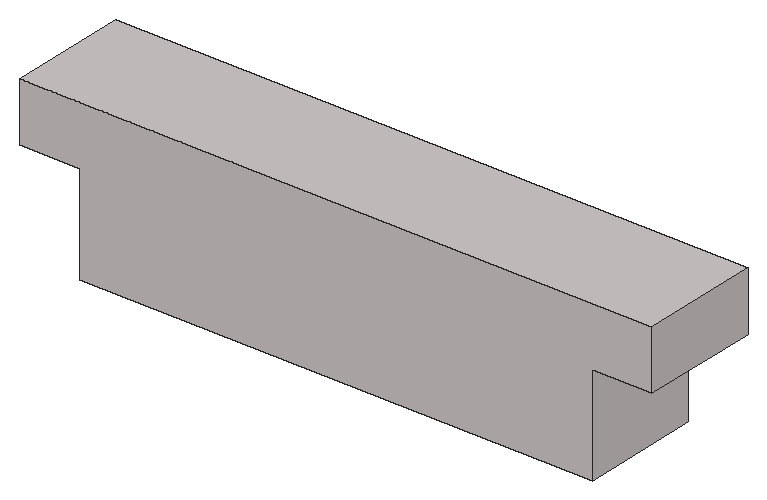
Revit family "42597fc9ef904ecc9c36413b20db4370", category Structural Framing, Revit 2021
Family settings
  Display in Hidden Views = Edges Hidden by Other Members
  Structural Framing Length Roundoff = 0' - 0"
  Section Shape = Not Defined
  Material for Model Behavior = Precast Concrete
  Always export as geometry = No
  OmniClass Number = 23.25.30.11.14.14
  OmniClass Title = Beams
  Seek Item ID = Precast-Rectangular Beam with Cut End-0000-USA-ENU
  Always vertical = Yes
  Cut with Voids When Loaded = No
  Symbolic Representation = From Family
  Shared = No
  Show family pre-cut in plan views = Yes
Parameters (values of type "12"x16"-Double Sides Cut")
  Width = 1' - 0"
  Tie Rod Weight [instance] = 30
  Tie Rod W [instance] = (Tie Rod Weight) * 2.20313 kip / 1000  # 0.0660938 kip
  Structural Material [instance] = Concrete, Precast
  Single Rebar Weight [instance] = 50
  Single Rebar W [instance] = (Single Rebar Weight * 2.20313 kip) / 1000  # 0.110156 kip
  Rebar Grids Weight [instance] = 100
  Rebar Grids W [instance] = (Rebar Grids Weight * 2.20313 kip) / 1000  # 0.220313 kip
  Cut Depth [instance] = 0' - 10"
  Extension 2 [instance] = 0' - 6"
  Extension 1 [instance] = 0' - 6"
  Depth = 1' - 4"
  Assembly Code = ""
  Length [instance] = 5' - 0"
Types (3): name
  (no name)
  12"x16"-Double Sides Cut
  12"x16"-One Side Cut
Reference planes (in)
  plane 1 "Center (Front/Back)": y = 0
  plane 2: z = 0
  plane 3 "Center (Left/Right)": x = 0
  plane 4 "Member Left": x = -25.74878
  plane 5 "Member Right": x = 25.74878
  plane 6 "Left": x = -29.68579
  plane 7 "Right": x = 30.31421
  plane 8: z = 2
  plane 9: z = 8
  plane 10: x = -31.74878
  plane 11: y = -6
  plane 12: y = 6
  plane 13: x = 31.74878
  plane 14: z = -8
Forms (in)
  Sweep 1, solid, material "Concrete, Precast" <- "Structural Material"
    path origin (0, 14.72441, 0) x (1, 0, 0) y (0, 1, 0)
      loop
        line (-31.74878, -14.72441) -> (31.74878, -14.72441)
    profile origin (0, 0, 0) x (0, 1, 0) y (0, 0, 1)
      loop
        line (-6, -8) -> (6, -8) -> (6, 8) -> (-6, 8) -> (-6, -8)
  Extrusion 2, void
    sketch origin (0, 0, 0) x (1, 0, 0) y (0, 0, 1)
      loop
        line (-25.74878, -8) -> (-25.74878, 2) -> (-31.74878, 2) -> (-31.74878, -8) -> (-25.74878, -8)
    from -6 to 6
  Extrusion 3, void
    sketch origin (0, 0, 0) x (1, 0, 0) y (0, 0, 1)
      loop
        line (31.94563, -8) -> (31.94563, 2) -> (25.74878, 2) -> (25.74878, -8) -> (31.94563, -8)
    from -6 to 6
Cuts and joins
  Extrusion 2, Extrusion 3 cuts Sweep 1
Dimensions and locks (in)
  "Length": plane 6 "Left" to plane 7 "Right"
  locked: level to plane 2
  equal spacing: plane 12, plane 1 "Center (Front/Back)", plane 11
  "Width": plane 12 to plane 11
  equal spacing: plane 9, plane 2, plane 14
  "Depth": plane 9 to plane 14
  "Cut Depth": plane 8 to plane 14
  locked: Extrusion 3 sketch curve to plane 13 at 0.19685
  "Extension 1": plane 10 to plane 4 "Member Left"
  "Extension 2": plane 5 "Member Right" to plane 13
  aligned and locked: plane 10 to Sweep 1 sketch curve
  aligned and locked: plane 1 "Center (Front/Back)" to Sweep 1 sketch curve
  aligned and locked: plane 13 to Sweep 1 sketch curve
  aligned and locked: Sweep 1 sketch curve to plane 11
  aligned and locked: Sweep 1 sketch curve to plane 9
  aligned and locked: plane 12 to Sweep 1 sketch curve
  aligned and locked: plane 14 to Sweep 1 sketch curve
  aligned and locked: plane 14 to Extrusion 2 sketch curve
  aligned and locked: plane 8 to Extrusion 2 sketch curve
  aligned and locked: plane 10 to Extrusion 2 sketch curve
  aligned and locked: Sweep 1 to Extrusion 2
  aligned and locked: Extrusion 2 to Sweep 1
  aligned and locked: Extrusion 3 sketch curve to plane 8
  aligned and locked: plane 14 to Extrusion 3 sketch curve
  aligned and locked: Extrusion 3 to Sweep 1
  aligned and locked: Sweep 1 to Extrusion 3
  aligned and locked: Extrusion 2 to plane 4 "Member Left"
  aligned and locked: plane 5 "Member Right" to Extrusion 3
Automatic sketch dimensions
  plane 4 "Member Left" to Extrusion 2 sketch curve = 0' - 0"
  Extrusion 3 sketch curve to plane 5 "Member Right" = 0' - 0"
